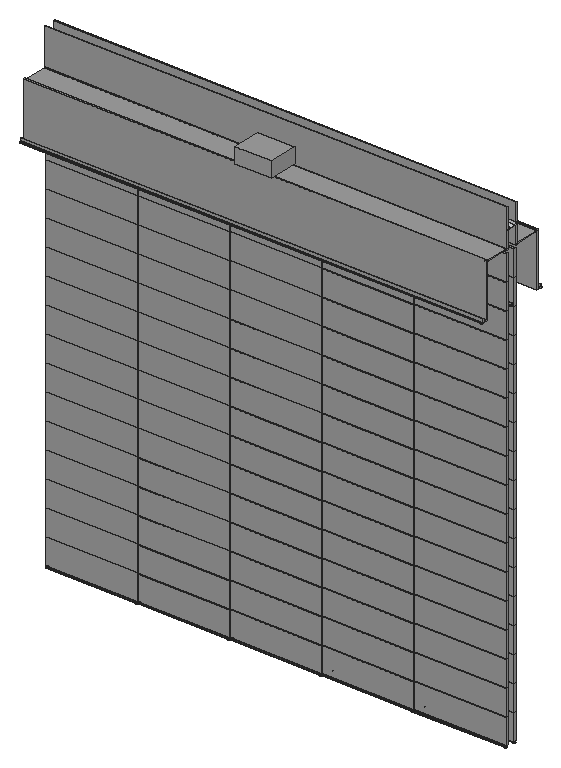
Revit family
Parameters (values of type "34' - 2"")
  Visibility Of Unfold Single Panel [instance] = and(not(Fold), Number Of  Panels < 2)  # no
  Visibility Of Fold Single Panel [instance] = and(Fold, Number Of  Panels < 2)  # no
  Visibility Of Fold Panels [instance] = and(Fold, Number Of  Panels > 1)  # no
  URL = "http://www.skyfold.com/"
  Total Panel Height = ([Panel Height"F"] * 17) + 0' 8"  # 38' - 2 1/2"
  Pocket Material [instance] = Default
  Panel Array [instance] = if(Number Of  Panels < 3, 2, Number Of  Panels)  # 5
  Panel 9 Material [instance] = Default
  Panel 8 Material [instance] = Default
  Panel 7 Material [instance] = Default
  Panel 6 Material [instance] = Default
  Panel 5 Material [instance] = Default
  Panel 4 Material [instance] = Default
  Panel 3 Material [instance] = Default
  Panel 2 Material [instance] = Default
  Panel 17 Material [instance] = Default
  Panel 16 Material [instance] = Default
  Panel 15 Material [instance] = Default
  Panel 14 Material [instance] = Default
  Panel 13 Material [instance] = Default
  Panel 12 Material [instance] = Default
  Panel 11 Material [instance] = Default
  Panel 10 Material [instance] = Default
  Model = "Compact Drive System"
  Manufacturer = "Skyfold\r\nSkyfold"
  Description = "Custom Powerlift Partitions"
  Center Pantograph Visibility [instance] = Number Of  Panels > 2  # yes
  Visibility Of Single Pantograph [instance] = and(Number Of  Panels = 2, Total Wall Length > 16' 0")  # no
  Total Wall Length [instance] = 40' - 0"
  Wall Thickness = 0' - 11 3/4"  # constant formula
  Unfold [instance] = and(not(Fold), Number Of  Panels > 1)  # yes
  Pocket Width"E" = 5' - 4 3/4"
  Pocket Depth"D" = 4' - 6"
  Panel Length [instance] = (Total Wall Length - 0' 2" - (Number Of  Panels - 1) * 0' 0 1/2") / Number Of  Panels  # 7' - 11.2"
  Panel Height"F" = 2' - 2 1/2"
  Offset From Ceiling [instance] = 0' - 0"
  Center Pantographs [instance] = if(Number Of  Panels < 3, 2, Number Of  Panels - 1)  # 4
  Number Of  Panels [instance] = (Total Wall Length / Max Panel Length) + 0.499  # 5
  Motor Positioning [instance] = if(or(Number Of  Panels = 1, Total Wall Length < 16' 1", Number Of  Panels = 3, Number Of  Panels = 5, Number Of  Panels = 7, Number Of  Panels = 9, Number Of  Panels = 11), (Total Wall Length / 2), (Total Wall Length / 2) - (Panel Length / 2))  # 20' - 0"
  Max Wall Length [instance] = 100' - 0"  # constant formula
  Max Panel Length [instance] = 8' - 0"  # constant formula
  Height Between Panels [instance] = [Panel Height"F"] + 0' 0 1/2"  # 2' - 3"
  Fold [instance] = no
  Distance From Acoustic Barrier = 0' - 2"  # constant formula
  Distance Between Panels [instance] = Panel Length + 0' 0 1/2"  # 7' - 11.7"
  Finished Ceiling"A" = 34' - 2"
  Panel 1 Material [instance] = Default
  Top Of Acoustic Barrier [instance] = 42' - 0"
  Assembly Code = ""
  Beam Height"B" = 40' - 2 3/4"
  Acoustic Barrier"C" = 38' - 7"
Reference planes (in)
  plane 1 "Center (Front/Back)": y = 0
  plane 2 "Ceiling": z = 96
  plane 3 "Center (Left/Right)": x = 0
  plane 4: y = -32.375
  plane 5: y = 32.375
  plane 6: y = -5.875
  plane 7: y = 5.875
  plane 8: x = 480
  plane 9: x = 1
  plane 10: x = 96.7
  plane 11: z = 95.96875
  plane 12: z = 149.96875
  plane 13: z = -314.03125
  plane 14 "Beam height": z = 168.71875
  plane 15 "ouverture": y = -35.68131
  plane 16: x = 240
  plane 17 "BOAB": z = 146.57813
  plane 18: z = 95.96875
Lines and regions (in)
  Opening 1
    outline origin (0, 3.93322, 96) x (1, 0, 0) y (0, 1, 0)
      loop
        line (0, 33.69178) -> (0, -41.55822) -> (480, -41.55822) -> (480, 33.69178) -> (0, 33.69178)
Dimensions and locks (in)
  equal spacing: host sketch curve, plane 3 "Center (Left/Right)", host sketch curve
  equal spacing: host sketch curve, plane 1 "Center (Front/Back)", host sketch curve
  host sketch curve to host sketch curve = 10' - 0"  (x2)
  plane 2 "Ceiling" to level = 7' - 0"
  equal spacing: plane 4, plane 1 "Center (Front/Back)", plane 5
  "Pocket Width"E"": plane 4 to plane 5
  equal spacing: plane 6, plane 1 "Center (Front/Back)", plane 7
  "Wall Thickness": plane 6 to plane 7
  "Total Wall Length": plane 8 to plane 3 "Center (Left/Right)"
  locked: plane 9 to plane 3 "Center (Left/Right)" at 1
  "Distance Between Panels": plane 10 to plane 9
  locked: plane 2 "Ceiling" to plane 11 at 0.03125
  equal spacing: group 1, group 2, group 7, group 9, group 12  (x3)
  equal spacing: group 3, group 4, group 8, group 10, group 13  (x3)
  "Finished Ceiling"A"": plane 11 to plane 13
  "Beam Height"B"": plane 14 "Beam height" to plane 13
  locked: nested 8 to plane 3 "Center (Left/Right)" at 32
  locked: plane 8 to nested 9 at 32
  locked: nested 5 to nested 10 at 0.25
  equal spacing: group 5, group 6, group 11, group 14  (x3)
  "Distance Between Panels": nested 11 to nested 10
  locked: plane 10 to nested 12 at 0.25
  "Motor Positioning": plane 16 to plane 3 "Center (Left/Right)"
  locked: plane 12 to plane 17 "BOAB" at 3.39063
  "Offset From Ceiling": plane 11 to plane 18
  "Pocket Depth"D"": plane 12 to plane 18
  aligned and locked: nested 1 to Opening 1 sketch curve  (x2)
  aligned and locked: Opening 1 sketch curve to plane 8
  aligned and locked: plane 2 "Ceiling" to host ceiling
  aligned and locked: nested 2 to plane 1 "Center (Front/Back)"
  aligned and locked: nested 2 to plane 9
  aligned and locked: Opening 1 sketch curve to nested 1
  aligned and locked: nested 1 to plane 3 "Center (Left/Right)"
  aligned and locked: nested 4 to plane 10
  aligned and locked: plane 10 to nested 5
  aligned and locked: plane 8 to nested 6
  aligned and locked: plane 3 "Center (Left/Right)" to nested 6
  aligned and locked: nested 13 to plane 1 "Center (Front/Back)"
  aligned and locked: plane 14 "Beam height" to nested 6
  aligned and locked: nested 6 to nested 1
  aligned and locked: plane 14 "Beam height" to nested 8
  aligned and locked: plane 14 "Beam height" to nested 12
  aligned and locked: plane 14 "Beam height" to nested 10
  aligned and locked: plane 14 "Beam height" to nested 11
  aligned and locked: nested 9 to plane 14 "Beam height"
  aligned and locked: nested 15 to nested 14
  aligned and locked: plane 9 to nested 15
  aligned and locked: nested 16 to nested 14
  aligned and locked: nested 16 to plane 9
  aligned and locked: nested 4 to nested 16
  aligned and locked: plane 16 to nested 7
  aligned and locked: plane 14 "Beam height" to nested 7
  aligned and locked: plane 17 "BOAB" to nested 2
  aligned and locked: plane 17 "BOAB" to nested 16
  aligned and locked: plane 17 "BOAB" to nested 4
  aligned and locked: nested 13 to plane 18
  aligned and locked: nested 15 to plane 18
  aligned and locked: nested 3 to plane 18
  aligned and locked: nested 5 to plane 18
  aligned and locked: plane 18 to nested 1
  aligned and locked: nested 14 to nested 6
  aligned and locked: nested 14 to plane 17 "BOAB"
  aligned and locked: nested 25 to plane 11
  aligned and locked: plane 5 to nested 25
  aligned and locked: nested 26 to nested 1
  aligned and locked: plane 7 to nested 26
  aligned and locked: plane 15 "ouverture" to nested 27
  aligned and locked: nested 27 to plane 14 "Beam height"
Nested families (in)
  nested 1: "Pocket" at (0, -10.75, 97.27344), Acoustic_Barrier"C" <- "Acoustic Barrier"C"", Total_Wall_Length <- "Total Wall Length", T.O. Acoustic_Barrier <- "Top Of Acoustic Barrier", Beam_Height <- "Beam Height"B"", Pocket Material <- "Pocket Material", type "Pocket"
    with Total_Wall_Length 40' - 0", T.O. Acoustic_Barrier 42' - 0", Pocket Material Default, Motor_Length 2' - 10", Motor_Height 0' - 11 1/2", Beam_Height 40' - 2 3/4", Acoustic_Barrier"C" 38' - 7", Pocket_Width"E" 5' - 4 3/4", Pocket_Depth"D" 4' - 6", Finished_Ceiling"A" 34' - 2"
  nested 2: "Groupe_5 panneaux" at (1, 0, -86.39108), panel_length <- "Panel Length", visible <- "Unfold", Total_Panel-Height <- "Total Panel Height", Panel 1 material <- "Panel 1 Material", Panel 2 material <- "Panel 2 Material", Panel 3 material <- "Panel 3 Material", Panel 4 material <- "Panel 4 Material", Panel 5 material <- "Panel 5 Material", Panel 6 material <- "Panel 6 Material", Panel 7 material <- "Panel 7 Material", Panel 8 material <- "Panel 8 Material", Panel 9 material <- "Panel 9 Material", Panel 10 material <- "Panel 10 Material", Panel 11 material <- "Panel 11 Material", Panel 12 material <- "Panel 12 Material", Panel 13 material <- "Panel 13 Material", Panel 14 material <- "Panel 14 Material", Panel 15 material <- "Panel 15 Material", Panel 16 material <- "Panel 16 Material", Panel 17 material <- "Panel 17 Material", type "Groupe_5 panneaux"
    with panel_length 7' - 11.2", Total_Panel-Height 38' - 2 1/2", Panel 9 material Default, Panel 8 material Default, Panel 7 material Default, Panel 6 material Default, Panel 5 material Default, Panel 4 material Default, Panel 3 material Default, Panel 2 material Default, Panel 17 material Default, Panel 16 material Default, Panel 15 material Default, Panel 14 material Default, Panel 13 material Default, Panel 12 material Default, Panel 11 material Default, Panel 10 material Default, Panel 1 material Default
  nested 3: "Panneau_hor" at (1, 12.57079, 83.96875), panel_length <- "Panel Length", panel_height <- "Panel Height"F"", visible <- "Visibility Of Fold Panels", Panel_Material <- "Panel 17 Material", type "Panneau_hor"
    with panel_length 7' - 11.2", panel_height 2' - 2 1/2", Panel_Material Default
  nested 4: "Groupe_5 panneaux" at (96.7, 0, -86.39108), panel_length <- "Panel Length", visible <- "Unfold", Total_Panel-Height <- "Total Panel Height", Panel 1 material <- "Panel 1 Material", Panel 2 material <- "Panel 2 Material", Panel 3 material <- "Panel 3 Material", Panel 4 material <- "Panel 4 Material", Panel 5 material <- "Panel 5 Material", Panel 6 material <- "Panel 6 Material", Panel 7 material <- "Panel 7 Material", Panel 8 material <- "Panel 8 Material", Panel 9 material <- "Panel 9 Material", Panel 10 material <- "Panel 10 Material", Panel 11 material <- "Panel 11 Material", Panel 12 material <- "Panel 12 Material", Panel 13 material <- "Panel 13 Material", Panel 14 material <- "Panel 14 Material", Panel 15 material <- "Panel 15 Material", Panel 16 material <- "Panel 16 Material", Panel 17 material <- "Panel 17 Material", type "Groupe_5 panneaux"
    with panel_length 7' - 11.2", Total_Panel-Height 38' - 2 1/2", Panel 9 material Default, Panel 8 material Default, Panel 7 material Default, Panel 6 material Default, Panel 5 material Default, Panel 4 material Default, Panel 3 material Default, Panel 2 material Default, Panel 17 material Default, Panel 16 material Default, Panel 15 material Default, Panel 14 material Default, Panel 13 material Default, Panel 12 material Default, Panel 11 material Default, Panel 10 material Default, Panel 1 material Default
  nested 5: "Panneau_hor" at (96.7, 12.57079, 83.96875), panel_length <- "Panel Length", panel_height <- "Panel Height"F"", visible <- "Visibility Of Fold Panels", Panel_Material <- "Panel 17 Material", type "Panneau_hor"
    with panel_length 7' - 11.2", panel_height 2' - 2 1/2", Panel_Material Default
  nested 6: "Beam" at (0, -10.75, 150.02344), type "Pocket"
    with Total_Wall_Length 40' - 0"
  nested 7: "Motor" at (221, -23, 152.71875), type "LCCD"
  nested 8: "Pantograph" at (54.25, -4, 156.4375) x (0, 1, 0) z (0, 0, 1), type "Pantograph"
  nested 9: "Pantograph" at (470.25, -4, 156.4375) x (0, 1, 0) z (0, 0, 1), type "Pantograph"
  nested 10: "Pantograph" at (118.7, -4, 156.4375) x (0, 1, 0) z (0, 0, 1), visible <- "Center Pantograph Visibility", type "Pantograph"
  nested 11: "Pantograph" at (214.4, -4, 156.4375) x (0, 1, 0) z (0, 0, 1), visible <- "Center Pantograph Visibility", type "Pantograph"
  nested 12: "Pantograph" at (118.7, -4, 156.4375) x (0, 1, 0) z (0, 0, 1), visible <- "Visibility Of Single Pantograph", type "Pantograph"
  nested 13: "2D Fold Panels" at (1, 2.48811, 95.96875) x (0, 1, 0) z (1, 0, 0), visible <- "Fold", Panel_Height <- "Panel Height"F"", type "Fold Panels"
    with Panel_Height 2' - 2 1/2"
  nested 14: "2D Unfold Panels" at (1, 0.77266, 54.57813) x (0, 1, 0) z (1, 0, 0), visible <- "Unfold", type "Unfold Panels"
    with Distance_Between_Panels 2' - 3"
  nested 15: "Panneau_hor" at (1, 12.57079, 83.96875), panel_length <- "Panel Length", panel_height <- "Panel Height"F"", Panel_Material <- "Panel 1 Material", visible <- "Visibility Of Fold Single Panel", type "Panneau_hor"
    with panel_length 7' - 11.2", panel_height 2' - 2 1/2", Panel_Material Default
  nested 16: "Groupe_5 panneaux" at (1, 0, -86.39108), panel_length <- "Panel Length", visible <- "Visibility Of Unfold Single Panel", Total_Panel-Height <- "Total Panel Height", type "Groupe_5 panneaux"
    with panel_length 7' - 11.2", Total_Panel-Height 38' - 2 1/2", Panel 9 material none, Panel 8 material none, Panel 7 material none, Panel 6 material none, Panel 5 material none, Panel 4 material none, Panel 3 material none, Panel 2 material none, Panel 17 material none, Panel 16 material none, Panel 15 material none, Panel 14 material none, Panel 13 material none, Panel 12 material none, Panel 11 material none, Panel 10 material none, Panel 1 material none
  nested 17: "Groupe_5 panneaux" at (192.4, 0, -86.39108), panel_length <- "Panel Length", visible <- "Unfold", Total_Panel-Height <- "Total Panel Height", Panel 1 material <- "Panel 1 Material", Panel 2 material <- "Panel 2 Material", Panel 3 material <- "Panel 3 Material", Panel 4 material <- "Panel 4 Material", Panel 5 material <- "Panel 5 Material", Panel 6 material <- "Panel 6 Material", Panel 7 material <- "Panel 7 Material", Panel 8 material <- "Panel 8 Material", Panel 9 material <- "Panel 9 Material", Panel 10 material <- "Panel 10 Material", Panel 11 material <- "Panel 11 Material", Panel 12 material <- "Panel 12 Material", Panel 13 material <- "Panel 13 Material", Panel 14 material <- "Panel 14 Material", Panel 15 material <- "Panel 15 Material", Panel 16 material <- "Panel 16 Material", Panel 17 material <- "Panel 17 Material", type "Groupe_5 panneaux"
    with panel_length 7' - 11.2", Total_Panel-Height 38' - 2 1/2", Panel 9 material Default, Panel 8 material Default, Panel 7 material Default, Panel 6 material Default, Panel 5 material Default, Panel 4 material Default, Panel 3 material Default, Panel 2 material Default, Panel 17 material Default, Panel 16 material Default, Panel 15 material Default, Panel 14 material Default, Panel 13 material Default, Panel 12 material Default, Panel 11 material Default, Panel 10 material Default, Panel 1 material Default
  nested 18: "Panneau_hor" at (192.4, 12.57079, 83.96875), panel_length <- "Panel Length", panel_height <- "Panel Height"F"", visible <- "Visibility Of Fold Panels", Panel_Material <- "Panel 17 Material", type "Panneau_hor"
    with panel_length 7' - 11.2", panel_height 2' - 2 1/2", Panel_Material Default
  nested 19: "Groupe_5 panneaux" at (288.1, 0, -86.39108), panel_length <- "Panel Length", visible <- "Unfold", Total_Panel-Height <- "Total Panel Height", Panel 1 material <- "Panel 1 Material", Panel 2 material <- "Panel 2 Material", Panel 3 material <- "Panel 3 Material", Panel 4 material <- "Panel 4 Material", Panel 5 material <- "Panel 5 Material", Panel 6 material <- "Panel 6 Material", Panel 7 material <- "Panel 7 Material", Panel 8 material <- "Panel 8 Material", Panel 9 material <- "Panel 9 Material", Panel 10 material <- "Panel 10 Material", Panel 11 material <- "Panel 11 Material", Panel 12 material <- "Panel 12 Material", Panel 13 material <- "Panel 13 Material", Panel 14 material <- "Panel 14 Material", Panel 15 material <- "Panel 15 Material", Panel 16 material <- "Panel 16 Material", Panel 17 material <- "Panel 17 Material", type "Groupe_5 panneaux"
    with panel_length 7' - 11.2", Total_Panel-Height 38' - 2 1/2", Panel 9 material Default, Panel 8 material Default, Panel 7 material Default, Panel 6 material Default, Panel 5 material Default, Panel 4 material Default, Panel 3 material Default, Panel 2 material Default, Panel 17 material Default, Panel 16 material Default, Panel 15 material Default, Panel 14 material Default, Panel 13 material Default, Panel 12 material Default, Panel 11 material Default, Panel 10 material Default, Panel 1 material Default
  nested 20: "Panneau_hor" at (288.1, 12.57079, 83.96875), panel_length <- "Panel Length", panel_height <- "Panel Height"F"", visible <- "Visibility Of Fold Panels", Panel_Material <- "Panel 17 Material", type "Panneau_hor"
    with panel_length 7' - 11.2", panel_height 2' - 2 1/2", Panel_Material Default
  nested 21: "Pantograph" at (310.1, -4, 156.4375) x (0, 1, 0) z (0, 0, 1), visible <- "Center Pantograph Visibility", type "Pantograph"
  nested 22: "Groupe_5 panneaux" at (383.8, 0, -86.39108), panel_length <- "Panel Length", visible <- "Unfold", Total_Panel-Height <- "Total Panel Height", Panel 1 material <- "Panel 1 Material", Panel 2 material <- "Panel 2 Material", Panel 3 material <- "Panel 3 Material", Panel 4 material <- "Panel 4 Material", Panel 5 material <- "Panel 5 Material", Panel 6 material <- "Panel 6 Material", Panel 7 material <- "Panel 7 Material", Panel 8 material <- "Panel 8 Material", Panel 9 material <- "Panel 9 Material", Panel 10 material <- "Panel 10 Material", Panel 11 material <- "Panel 11 Material", Panel 12 material <- "Panel 12 Material", Panel 13 material <- "Panel 13 Material", Panel 14 material <- "Panel 14 Material", Panel 15 material <- "Panel 15 Material", Panel 16 material <- "Panel 16 Material", Panel 17 material <- "Panel 17 Material", type "Groupe_5 panneaux"
    with panel_length 7' - 11.2", Total_Panel-Height 38' - 2 1/2", Panel 9 material Default, Panel 8 material Default, Panel 7 material Default, Panel 6 material Default, Panel 5 material Default, Panel 4 material Default, Panel 3 material Default, Panel 2 material Default, Panel 17 material Default, Panel 16 material Default, Panel 15 material Default, Panel 14 material Default, Panel 13 material Default, Panel 12 material Default, Panel 11 material Default, Panel 10 material Default, Panel 1 material Default
  nested 23: "Panneau_hor" at (383.8, 12.57079, 83.96875), panel_length <- "Panel Length", panel_height <- "Panel Height"F"", visible <- "Visibility Of Fold Panels", Panel_Material <- "Panel 17 Material", type "Panneau_hor"
    with panel_length 7' - 11.2", panel_height 2' - 2 1/2", Panel_Material Default
  nested 24: "Pantograph" at (405.8, -4, 156.4375) x (0, 1, 0) z (0, 0, 1), visible <- "Center Pantograph Visibility", type "Pantograph"
  nested 25: "Suspended Ceiling Component" at (1, 32.375, 95.96875) x (0, 1, 0) z (1, 0, 0), type "Suspended Ceiling Component"
  nested 26: "construction as per ASTM E557 Component" at (1, 5.875, 174.46875) x (0, 1, 0) z (1, 0, 0), type "construction as per ASTM E557 Component"
  nested 27: "Disclaimer Component" at (1, -35.68131, 168.71875) x (0, 1, 0) z (1, 0, 0), type "Disclaimer Component"
Definition of nested family "Pocket"
  Parameters (values of type "Pocket")
    Total_Wall_Length [instance] = 35' - 0"
    T.O. Acoustic_Barrier [instance] = 40' - 0"
    Pocket_Width"E" = 5' - 4 1/2"
    Pocket_Depth"D" = 4' - 5 1/2"
    Pocket Material [instance] = Pocket mat
    Motor_Length [instance] = 2' - 6 29/128"
    Motor_Height [instance] = 1' - 3"
    Finished_Ceiling"A" = 34' - 0"
    Assembly Code = ""
    Beam_Height [instance] = 10' - 0"
    Acoustic_Barrier"C" [instance] = 1' - 7 5/8"
  Reference planes (in)
    plane 1 "Center (Front/Back)": y = 10.75
    plane 2: z = 52.19531
    plane 3 "Center (Left/Right)": x = 0
    plane 4: z = -1.30469
    plane 5: y = -21.5
    plane 6: y = 43
    plane 7: y = -26.75
    plane 8: y = 48.25
    plane 9: z = 2.32031
    plane 10: y = 4.75
    plane 11: y = 16.75
    plane 12: x = 420
    plane 13: z = -259.30469
    plane 14: z = 71.18777
    plane 15: z = 70.69531
    plane 16: z = -409.30469
    plane 17: x = 12.89513
    plane 18: x = 203.52734
    plane 19: z = -289.30469
    plane 20: z = 53.19531
  Forms (in)
    Extrusion 1, solid, material "Pocket mat" <- "Pocket Material"
      sketch origin (0, 0, 0) x (0, 1, 0) y (0, 0, 1)
        loop
          line (-26.75, 2.32031) -> (-26.75, -1.30469) -> (-21.5, -1.30469) -> (-21.5, 55.19531) -> (-22.125, 55.19531) -> (-22.125, -0.67969) -> (-26.125, -0.67969) -> (-26.125, 2.32031) -> (-26.75, 2.32031)
        loop
          line (-21.28125, 53.19531) -> (4.53125, 53.19531) -> (4.53125, 53.82031) -> (-21.28125, 53.82031) -> (-21.28125, 53.19531)
      from 0 to 420
    Extrusion 2, solid, material "Pocket mat" <- "Pocket Material"
      sketch origin (0, 0, 0) x (0, 1, 0) y (0, 0, 1)
        loop
          line (9.75, -1.30469) -> (11.75, -1.30469) -> (11.75, -1.05469) -> (10.875, -1.05469) -> (10.875, 0.69531) -> (10.625, 0.69531) -> (10.625, -1.05469) -> (9.75, -1.05469) -> (9.75, -1.30469)
      from 0 to 420
    Extrusion 3, solid, material "Pocket mat" <- "Pocket Material"
      sketch origin (0, 0, 0) x (0, 1, 0) y (0, 0, 1)
        loop
          line (4.75, 52.19531) -> (5.75, 52.19531) -> (5.75, 70.69531) -> (4.75, 70.69531) -> (4.75, 52.19531)
      from 0 to 420
    Extrusion 4, solid, material "Pocket mat" <- "Pocket Material"
      sketch origin (0, 21.5, 0) x (0, -1, 0) y (0, 0, -1)
        loop
          line (4.75, -52.19531) -> (4.75, -70.69531) -> (5.75, -70.69531) -> (5.75, -52.19531) -> (4.75, -52.19531)
      from 0 to 420
    Extrusion 5, solid, material "Pocket mat" <- "Pocket Material"
      sketch origin (420, 0, 0.01562) x (0, 1, 0) y (0, 0, 1)
        loop
          line (-21.5, 53.88281) -> (-21.5, 53.08594) -> (-20.75, 53.08594) -> (-20.75, 53.17969) -> (-21.40625, 53.17969) -> (-21.40625, 53.88281) -> (-21.5, 53.88281)
      from -420 to 0
    Extrusion 6, solid, material "Pocket mat" <- "Pocket Material"
      sketch origin (420, -21.98359, 0.03125) x (0, -1, 0) y (0, 0, -1)
        loop
          line (-26.73359, -53.86719) -> (-26.63984, -53.86719) -> (-26.63984, -53.16406) -> (-25.98359, -53.16406) -> (-25.98359, -53.07031) -> (-26.73359, -53.07031) -> (-26.73359, -53.86719)
      from -420 to 0
    Extrusion 7, solid, material "Pocket mat" <- "Pocket Material"
      sketch origin (420, -57.55768, -19.35805) x (0, -1, 0) y (0, 0, -1)
        loop
          line (-30.80768, -18.75649) -> (-30.71393, -18.75649) -> (-30.71393, -18.05336) -> (-30.05768, -18.05336) -> (-30.05768, -17.95961) -> (-30.80768, -17.95961) -> (-30.80768, -18.75649)
      from -420 to 0
    Extrusion 8, solid, material "Pocket mat" <- "Pocket Material"
      sketch origin (0, 21.5, 0.125) x (0, -1, 0) y (0, 0, -1)
        loop
          line (-26.75, -2.32031) -> (-26.125, -2.32031) -> (-26.125, 0.67969) -> (-22.125, 0.67969) -> (-22.125, -55.07031) -> (-21.5, -55.07031) -> (-21.5, 1.30469) -> (-26.75, 1.30469) -> (-26.75, -2.32031)
        loop
          line (-21.28125, -53.07031) -> (-21.28125, -53.69531) -> (4.53125, -53.69531) -> (4.53125, -53.07031) -> (-21.28125, -53.07031)
      from 0 to 420
    Extrusion 9, solid, material "Pocket mat" <- "Pocket Material"
      sketch origin (420, 21.5, 0) x (0, -1, 0) y (0, 0, -1)
        loop
          line (-21.5, -53.89844) -> (-21.40625, -53.89844) -> (-21.40625, -53.19531) -> (-20.75, -53.19531) -> (-20.75, -53.10156) -> (-21.5, -53.10156) -> (-21.5, -53.89844)
      from -420 to 0
    Extrusion 10, solid, material "Pocket mat" <- "Pocket Material"
      sketch origin (420, 43.48359, 0) x (0, 1, 0) y (0, 0, 1)
        loop
          line (-26.73359, 53.89844) -> (-26.73359, 53.10156) -> (-25.98359, 53.10156) -> (-25.98359, 53.19531) -> (-26.63984, 53.19531) -> (-26.63984, 53.89844) -> (-26.73359, 53.89844)
      from -420 to 0
    Extrusion 11, solid, material "Pocket mat" <- "Pocket Material"
      sketch origin (420, 79.05768, -19.35805) x (0, 1, 0) y (0, 0, 1)
        loop
          line (-30.80768, 18.75649) -> (-30.80768, 17.95961) -> (-30.05768, 17.95961) -> (-30.05768, 18.05336) -> (-30.71393, 18.05336) -> (-30.71393, 18.75649) -> (-30.80768, 18.75649)
      from -420 to 0
  Lines and regions (in)
    symbolic lines
      curve 1: line (420, -26.125, -0.67969) -> (420, -22.125, -0.67969)
      curve 2: line (420, -26.125, 70.69531) -> (420, -26.125, -0.67969)
      curve 3: line (420, -22.125, 70.69531) -> (420, -26.125, 70.69531)
      curve 4: line (420, -22.125, -0.67969) -> (420, -22.125, 70.69531)
      curve 5: line (420, 47.625, -0.55469) -> (420, 43.625, -0.55469)
      curve 6: line (420, 47.625, 70.69531) -> (420, 47.625, -0.55469)
      curve 7: line (420, 43.625, 70.69531) -> (420, 47.625, 70.69531)
      curve 8: line (420, 43.625, -0.55469) -> (420, 43.625, 70.69531)
      curve 9: line (420, 4.75, 84.44531) -> (420, 1.75, 84.44531)
      curve 10: line (420, 4.75, 56.82031) -> (420, 4.75, 84.44531)
      curve 11: line (420, 1.75, 56.82031) -> (420, 4.75, 56.82031)
      curve 12: line (420, 1.75, 84.44531) -> (420, 1.75, 56.82031)
      curve 13: line (420, -22.125, 76.69531) -> (420, 1.75, 76.69531)
      curve 14: line (420, 1.75, 73.69531) -> (420, -22.125, 73.69531)
      curve 15: line (420, 16.75, 84.44531) -> (420, 19.75, 84.44531)
      curve 16: line (420, 16.75, 56.82031) -> (420, 16.75, 84.44531)
      curve 17: line (420, 19.75, 56.82031) -> (420, 16.75, 56.82031)
      curve 18: line (420, 19.75, 84.44531) -> (420, 19.75, 56.82031)
      curve 19: line (420, 43.625, 76.69531) -> (420, 19.75, 76.69531)
      curve 20: line (420, 19.75, 73.69531) -> (420, 43.625, 73.69531)
      curve 21: line (0, 5.25, 52.19531) -> (0, 5.25, 70.69531)
      curve 22: line (0, 16.25, 52.19531) -> (0, 16.25, 70.69531)
  Dimensions and locks (in)
    locked: plane 7 to plane 5 at 5.25
    locked: plane 9 to plane 4 at 3.625
    locked: plane 6 to plane 8 at 5.25
    plane 10 to plane 1 "Center (Front/Back)" = 0' - 6"
    plane 10 to plane 11 = 1' - 0"
    "Pocket_Width"E"": plane 5 to plane 6
    equal spacing: plane 5, plane 1 "Center (Front/Back)", plane 6
    "Finished_Ceiling"A"": plane 4 to level
    locked: plane 7 to Extrusion 1 sketch curve at 0.625
    locked: Extrusion 1 sketch curve to plane 4 at 0.625
    locked: Extrusion 1 sketch curve to Extrusion 1 sketch curve at 0.625  (x2)
    "Total_Wall_Length": plane 12 to plane 3 "Center (Left/Right)"
    equal spacing: Extrusion 2 sketch curve, plane 1 "Center (Front/Back)", Extrusion 2 sketch curve  (x2)
    locked: Extrusion 2 sketch curve to plane 4 at 2
    locked: Extrusion 2 sketch curve to plane 4 at 0.25
    locked: Extrusion 2 sketch curve to plane 1 "Center (Front/Back)" at 0.125
    locked: Extrusion 1 sketch curve to Extrusion 1 sketch curve at 0.21875
    locked: plane 10 to Extrusion 3 sketch curve at 1
    "Pocket_Depth"D"": plane 2 to plane 4
    locked: plane 13 to plane 16 at 150
    "T.O. Acoustic_Barrier": plane 15 to plane 16
    locked: plane 18 to plane 3 "Center (Left/Right)" at 203.52734
    "Beam_Height": plane 19 to plane 16
    plane 4 to plane 16 = 34' - 0"
    Extrusion 1 to Extrusion 1 to plane 5 = 0' - 0 5/8", 0' - 0"
    locked: Extrusion 1 sketch curve to Extrusion 1 sketch curve at 1.375
    locked: Extrusion 1 sketch curve to plane 10 at 0.21875
    locked: Extrusion 5 sketch curve to Extrusion 5 sketch curve at 0.09375  (x2)
    locked: Extrusion 5 sketch curve to Extrusion 5 sketch curve at 0.79688
    locked: Extrusion 5 sketch curve to Extrusion 5 sketch curve at 0.75
    locked: Extrusion 6 sketch curve to Extrusion 6 sketch curve at 0.09375  (x2)
    locked: Extrusion 6 sketch curve to Extrusion 6 sketch curve at 0.79688
    locked: Extrusion 6 sketch curve to Extrusion 6 sketch curve at 0.75
    locked: Extrusion 7 sketch curve to Extrusion 7 sketch curve at 0.09375  (x2)
    locked: Extrusion 7 sketch curve to Extrusion 7 sketch curve at 0.79688
    locked: Extrusion 7 sketch curve to Extrusion 7 sketch curve at 0.75
    locked: Extrusion 8 sketch curve to Extrusion 8 sketch curve at 0.625
    Extrusion 8 sketch curve to Extrusion 8 sketch curve = 0' - 0 5/8"
    locked: Extrusion 8 sketch curve to Extrusion 8 sketch curve at 0.21875
    Extrusion 8 sketch curve to Extrusion 8 sketch curve = 0' - 1 3/8"
    locked: Extrusion 9 sketch curve to Extrusion 9 sketch curve at 0.09375  (x2)
    locked: Extrusion 9 sketch curve to Extrusion 9 sketch curve at 0.79688
    locked: Extrusion 9 sketch curve to Extrusion 9 sketch curve at 0.75
    locked: Extrusion 10 sketch curve to Extrusion 10 sketch curve at 0.09375  (x2)
    locked: Extrusion 10 sketch curve to Extrusion 10 sketch curve at 0.79688
    locked: Extrusion 10 sketch curve to Extrusion 10 sketch curve at 0.75
    locked: Extrusion 11 sketch curve to Extrusion 11 sketch curve at 0.09375  (x2)
    locked: Extrusion 11 sketch curve to Extrusion 11 sketch curve at 0.79688
    locked: Extrusion 11 sketch curve to Extrusion 11 sketch curve at 0.75
    locked: curve 12 to plane 10 at 3
    curve 11 to Extrusion 1 = 0' - 3"
    locked: curve 11 to curve 9 at 27.625
    locked: curve 14 to curve 13 at 3
    locked: curve 11 to curve 14 at 16.875
    locked: curve 17 to curve 15 at 27.625
    locked: curve 20 to curve 19 at 3
    locked: curve 17 to curve 20 at 16.875
    locked: plane 20 to plane 2 at 1
    aligned and locked: plane 12 to Extrusion 1
    aligned and locked: Extrusion 2 sketch curve to Extrusion 2 sketch curve
    aligned and locked: Extrusion 2 to plane 3 "Center (Left/Right)"
    aligned and locked: plane 12 to Extrusion 2
    aligned and locked: Extrusion 3 sketch curve to plane 2
    aligned and locked: Extrusion 3 sketch curve to plane 10
    aligned and locked: plane 15 to Extrusion 4
    aligned and locked: plane 15 to Extrusion 3
    aligned and locked: plane 12 to Extrusion 3
    aligned and locked: plane 12 to Extrusion 4
    aligned and locked: plane 16 to level
    aligned and locked: curve 1 to Extrusion 1  (x2)
    aligned and locked: curve 4 to Extrusion 1
    aligned and locked: curve 7 to plane 15
    aligned and locked: Extrusion 5 to plane 5
    aligned: plane 2 to Extrusion 5
    aligned and locked: plane 10 to Extrusion 6
    aligned: plane 2 to Extrusion 6
    aligned and locked: plane 7 to Extrusion 7
    aligned and locked: plane 4 to Extrusion 7
    aligned and locked: plane 6 to Extrusion 9
    aligned and locked: plane 4 to Extrusion 11
    aligned and locked: Extrusion 11 to plane 8
    aligned and locked: plane 12 to Extrusion 5
    aligned and locked: plane 12 to Extrusion 6
    aligned and locked: Extrusion 10 to plane 3 "Center (Left/Right)"
    aligned and locked: Extrusion 6 to plane 3 "Center (Left/Right)"
    aligned and locked: Extrusion 5 to plane 3 "Center (Left/Right)"
    aligned and locked: plane 12 to Extrusion 10
    aligned and locked: plane 12 to Extrusion 9
    aligned and locked: Extrusion 9 to plane 3 "Center (Left/Right)"
    aligned and locked: plane 12 to Extrusion 7
    aligned and locked: plane 12 to Extrusion 11
    aligned and locked: Extrusion 7 to plane 3 "Center (Left/Right)"
    aligned and locked: Extrusion 11 to plane 3 "Center (Left/Right)"
    aligned and locked: Extrusion 8 to curve 8
    aligned and locked: curve 6 to Extrusion 8
    aligned and locked: curve 5 to Extrusion 8
    aligned and locked: plane 12 to Extrusion 8
    aligned and locked: Extrusion 1 to plane 3 "Center (Left/Right)"
    aligned and locked: Extrusion 8 to plane 3 "Center (Left/Right)"
    aligned and locked: curve 9 to Extrusion 3
    aligned and locked: curve 9 to curve 15
    aligned and locked: Extrusion 1 sketch curve to plane 20
    aligned and locked: Extrusion 5 to Extrusion 1
    aligned and locked: Extrusion 6 to Extrusion 1
    aligned and locked: Extrusion 8 to Extrusion 1  (x2)
    aligned and locked: Extrusion 1 to Extrusion 8
    aligned and locked: Extrusion 10 to Extrusion 8
    aligned and locked: Extrusion 9 to Extrusion 8
  Automatic sketch dimensions
    curve 21 to plane 15 = 0' - 0"
    curve 21 to plane 2 = 0' - 0"
    curve 22 to plane 15 = 0' - 0"
    curve 22 to plane 2 = 0' - 0"
    plane 10 to curve 21 = 0' - 0 1/2"
    curve 22 to plane 11 = 0' - 0 1/2"
    Extrusion 1 sketch curve to plane 4 = 0' - 0"
    Extrusion 1 sketch curve to plane 7 = 0' - 0"
    Extrusion 1 sketch curve to plane 5 = 0' - 0"
    Extrusion 1 sketch curve to plane 9 = 0' - 0"
    Extrusion 2 sketch curve to plane 4 = 0' - 0"
    Extrusion 2 sketch curve to Extrusion 2 sketch curve = 0' - 0 7/8"
    Extrusion 3 sketch curve to plane 15 = 0' - 0"
    Extrusion 4 sketch curve to plane 11 = 0' - 0"
    Extrusion 4 sketch curve to plane 15 = 0' - 0"
    Extrusion 4 sketch curve to plane 2 = 0' - 0"
    plane 11 to Extrusion 4 sketch curve = 0' - 1"
    curve 2 to Extrusion 3 = 0' - 0"
    Extrusion 3 to curve 16 = 0' - 11"
    curve 16 to curve 17 = 0' - 3"
    Extrusion 5 sketch curve to Extrusion 3 = 0' - 0 29/32"
    Extrusion 3 to Extrusion 5 sketch curve = 2' - 2 1/4"
    Extrusion 6 sketch curve to Extrusion 3 = 0' - 0"
    Extrusion 6 sketch curve to Extrusion 3 = 0' - 1 45/64"
    Extrusion 3 to Extrusion 7 sketch curve = 2' - 7 1/2"
    Extrusion 3 to Extrusion 7 sketch curve = 4' - 4 51/64"
    Extrusion 8 sketch curve to plane 8 = 0' - 0"
    Extrusion 8 sketch curve to plane 6 = 0' - 0"
    Extrusion 8 sketch curve to plane 9 = 0' - 0 1/8"
    plane 8 to Extrusion 8 sketch curve = 0' - 0 5/8"
    Extrusion 8 sketch curve to plane 11 = 0' - 0 7/32"
    Extrusion 8 sketch curve to plane 4 = 0' - 0 3/4"
    Extrusion 8 sketch curve to plane 4 = 0' - 0 1/8"
    Extrusion 8 sketch curve to plane 2 = 0' - 1"
    Extrusion 9 sketch curve to Extrusion 3 = 0' - 0 29/32"
    Extrusion 3 to Extrusion 9 sketch curve = 3' - 1 1/4"
    Extrusion 10 sketch curve to Extrusion 3 = 0' - 0 29/32"
    Extrusion 3 to Extrusion 10 sketch curve = 0' - 11"
    Extrusion 3 to Extrusion 11 sketch curve = 3' - 6 1/2"
    Extrusion 3 to Extrusion 11 sketch curve = 4' - 5 19/32"
Definition of nested family "Groupe_5 panneaux"
  Parameters (values of type "Groupe_5 panneaux")
    panel_length [instance] = 3' - 0"
    panel_height = 2' - 2 1/2"
    folded_width = 0' - 11 3/4"
    Total_Panel-Height [instance] = 9' - 2 3/4"
    Panel 9 material [instance] = none
    Panel 8 material [instance] = none
    Panel 7 material [instance] = none
    Panel 6 material [instance] = none
    Panel 5 material [instance] = none
    Panel 4 material [instance] = none
    Panel 3 material [instance] = none
    Panel 2 material [instance] = none
    Panel 17 material [instance] = none
    Panel 16 material [instance] = none
    Panel 15 material [instance] = none
    Panel 14 material [instance] = none
    Panel 13 material [instance] = none
    Panel 12 material [instance] = none
    Panel 11 material [instance] = none
    Panel 10 material [instance] = none
    Panel 1 material [instance] = none
    Height_distance_bet_panels = panel_height + 0' 0 1/2"  # 2' - 3"
    Assembly Code = ""
  Reference planes (in)
    plane 1 "Center (Front/Back)": y = 0
    plane 2: z = 0
    plane 3 "Center (Left/Right)": x = 0
    plane 4: y = 5.875
    plane 5: z = 232.96921
    plane 6: y = -5.875
    plane 7: x = 36
    plane 8: z = 122.21921
    plane 9: z = 205.96921
    plane 10: z = 178.96921
    plane 11: z = 151.96921
    plane 12: z = 124.96921
    plane 13: z = 97.96921
    plane 14: z = 70.96921
    plane 15: z = 43.96921
    plane 16: z = 16.96921
    plane 17: z = -10.03079
    plane 18: z = -37.03079
    plane 19: z = -64.03079
    plane 20: z = -91.03079
    plane 21: z = -118.03079
    plane 22: z = -145.03079
    plane 23: z = -172.03079
    plane 24: z = -199.03079
  Forms (in)
    Extrusion 1, solid, material "Plastic_Seal"
      sketch origin (0, 1.79895, 58.50004) x (0, 1, 0) y (0, 0, 1)
        loop
          line (-6.80477, 62.03907) -> (-7.05382, 63.46917) -> (-6.92395, 63.46917) -> (-6.92395, 63.71918) -> (-7.67395, 63.71918) -> (-7.67395, 63.46917) -> (-7.41508, 63.46917) -> (-7.66413, 62.03907)
          arc (-7.66413, 62.03907) -> (-7.23445, 61.60939) -> (-6.80477, 62.03907) r 0.42968
      from 0 to 36
    Extrusion 2, solid, material "Plastic_Seal"
      sketch origin (0, -1.79895, 58.50004) x (0, -1, 0) y (0, 0, -1)
        loop
          arc (-6.80477, -62.03907) -> (-7.23445, -61.60939) -> (-7.66413, -62.03907) r 0.42968
          line (-7.66413, -62.03907) -> (-7.41508, -63.46917) -> (-7.67395, -63.46917) -> (-7.67395, -63.71918) -> (-6.92395, -63.71918) -> (-6.92395, -63.46917) -> (-7.05382, -63.46917) -> (-6.80477, -62.03907)
      from 0 to 36
  Dimensions and locks (in)
    equal spacing: plane 6, plane 1 "Center (Front/Back)", plane 4
    "folded_width": plane 6 to plane 4
    "panel_length": plane 7 to plane 3 "Center (Left/Right)"
    "Total_Panel-Height": plane 5 to plane 8
    equal spacing: plane 5, plane 9, plane 10, plane 11, plane 12, plane 13, plane 14, plane 15, plane 16, plane 17, plane 18, plane 19, plane 20, plane 21, plane 22, plane 23, plane 24
    "Height_distance_bet_panels": plane 5 to plane 9
    aligned and locked: plane 4 to nested 1
    aligned and locked: plane 6 to nested 2
    aligned and locked: plane 3 "Center (Left/Right)" to nested 1
    aligned and locked: nested 2 to plane 5  (x2)
    aligned and locked: plane 7 to Extrusion 1
    aligned and locked: Extrusion 1 to plane 3 "Center (Left/Right)"
    aligned and locked: Extrusion 1 to plane 6
    aligned and locked: Extrusion 2 to plane 3 "Center (Left/Right)"
    aligned and locked: plane 7 to Extrusion 2
    aligned and locked: plane 5 to nested 1
    aligned and locked: nested 4 to plane 9
    aligned and locked: plane 9 to nested 3
    aligned and locked: nested 6 to plane 10
    aligned and locked: plane 10 to nested 5
    aligned and locked: nested 8 to plane 11
    aligned and locked: plane 11 to nested 7
    aligned and locked: nested 10 to plane 12
    aligned and locked: plane 12 to nested 9
    aligned and locked: nested 12 to plane 13
    aligned and locked: plane 13 to nested 11
    aligned and locked: nested 14 to plane 14
    aligned and locked: plane 14 to nested 13
    aligned and locked: nested 16 to plane 15
    aligned and locked: plane 15 to nested 15
    aligned and locked: nested 18 to plane 16
    aligned and locked: plane 16 to nested 17
    aligned and locked: nested 20 to plane 17
    aligned and locked: plane 17 to nested 19
    aligned and locked: nested 22 to plane 18
    aligned and locked: plane 18 to nested 21
    aligned and locked: nested 24 to plane 19
    aligned and locked: plane 19 to nested 23
    aligned and locked: nested 26 to plane 20
    aligned and locked: plane 20 to nested 25
    aligned and locked: nested 28 to plane 21
    aligned and locked: plane 21 to nested 27
    aligned and locked: nested 30 to plane 22
    aligned and locked: plane 22 to nested 29
    aligned and locked: nested 32 to plane 23
    aligned and locked: plane 23 to nested 31
    aligned and locked: nested 34 to plane 24
    aligned and locked: plane 24 to nested 33
    aligned and locked: plane 4 to nested 33
    aligned and locked: plane 6 to nested 34
    aligned and locked: plane 4 to nested 31
    aligned and locked: plane 6 to nested 32
    aligned and locked: plane 4 to nested 29
    aligned and locked: plane 6 to nested 30
    aligned and locked: plane 4 to nested 27
    aligned and locked: plane 6 to nested 28
    aligned and locked: plane 4 to nested 25
    aligned and locked: plane 6 to nested 26
    aligned and locked: plane 4 to nested 23
    aligned and locked: plane 6 to nested 24
    aligned and locked: plane 4 to nested 21
    aligned and locked: plane 6 to nested 22
    aligned and locked: plane 4 to nested 19
    aligned and locked: plane 6 to nested 20
    aligned and locked: plane 4 to nested 17
    aligned and locked: plane 6 to nested 18
    aligned and locked: plane 4 to nested 15
    aligned and locked: plane 6 to nested 16
    aligned and locked: plane 4 to nested 13
    aligned and locked: plane 6 to nested 14
    aligned and locked: plane 4 to nested 11
    aligned and locked: plane 6 to nested 12
    aligned and locked: plane 4 to nested 9
    aligned and locked: plane 6 to nested 10
    aligned and locked: plane 4 to nested 7
    aligned and locked: plane 6 to nested 8
    aligned and locked: plane 4 to nested 5
    aligned and locked: plane 6 to nested 6
    aligned and locked: plane 4 to nested 3
    aligned and locked: plane 6 to nested 4
  Automatic sketch dimensions
    Extrusion 1 sketch curve to plane 6 = 0' - 0"
    plane 6 to Extrusion 1 sketch curve = 0' - 0.00982"
    Extrusion 1 sketch curve to Extrusion 1 sketch curve = 0' - 0.25887"
    Extrusion 1 sketch curve to Extrusion 1 sketch curve = 0' - 0 55/128"
    Extrusion 1 sketch curve to plane 8 = 0' - 0 1/4"  (x2)
    Extrusion 1 sketch curve to Extrusion 1 sketch curve = 0' - 0.36126"
    plane 8 to Extrusion 1 sketch curve = 0' - 0"
    Extrusion 1 sketch curve to Extrusion 1 sketch curve = 0' - 0.12987"
    Extrusion 1 sketch curve to Extrusion 1 sketch curve = 0' - 1.4301"
    Extrusion 2 sketch curve to plane 4 = 0' - 0"
    plane 4 to Extrusion 2 sketch curve = 0' - 0.00982"
    Extrusion 2 sketch curve to Extrusion 2 sketch curve = 0' - 0.25887"
    Extrusion 2 sketch curve to Extrusion 2 sketch curve = 0' - 0 55/128"
    plane 8 to Extrusion 2 sketch curve = 0' - 0 1/4"  (x2)
    Extrusion 2 sketch curve to Extrusion 2 sketch curve = 0' - 0.36126"
    Extrusion 2 sketch curve to plane 8 = 0' - 0"
    Extrusion 2 sketch curve to Extrusion 2 sketch curve = 0' - 0.12987"
    Extrusion 2 sketch curve to Extrusion 2 sketch curve = 0' - 1.4301"
  Nested families (in)
    nested 1: "Panneau_top" at (0, 3.625, 206.46921), panel_height <- "panel_height", panel_length <- "panel_length", Panel_Material <- "Panel 1 material", type "Panneau_top"
      with panel_length 3' - 0", panel_height 2' - 2 1/2", Panel_Material none
    nested 2: "Panneau_top" at (0, -3.625, 206.46921), panel_height <- "panel_height", panel_length <- "panel_length", Panel_Material <- "Panel 1 material", type "Panneau_top"
      with panel_length 3' - 0", panel_height 2' - 2 1/2", Panel_Material none
    nested 3: "Panneau_top" at (0, 3.625, 179.46921), panel_height <- "panel_height", panel_length <- "panel_length", Panel_Material <- "Panel 2 material", type "Panneau_top"
      with panel_length 3' - 0", panel_height 2' - 2 1/2", Panel_Material none
    nested 4: "Panneau_top" at (0, -3.625, 179.46921), panel_height <- "panel_height", panel_length <- "panel_length", Panel_Material <- "Panel 2 material", type "Panneau_top"
      with panel_length 3' - 0", panel_height 2' - 2 1/2", Panel_Material none
    nested 5: "Panneau_top" at (0, 3.625, 152.46921), panel_height <- "panel_height", panel_length <- "panel_length", Panel_Material <- "Panel 3 material", type "Panneau_top"
      with panel_length 3' - 0", panel_height 2' - 2 1/2", Panel_Material none
    nested 6: "Panneau_top" at (0, -3.625, 152.46921), panel_height <- "panel_height", panel_length <- "panel_length", Panel_Material <- "Panel 3 material", type "Panneau_top"
      with panel_length 3' - 0", panel_height 2' - 2 1/2", Panel_Material none
    nested 7: "Panneau_top" at (0, 3.625, 125.46921), panel_height <- "panel_height", panel_length <- "panel_length", Panel_Material <- "Panel 4 material", type "Panneau_top"
      with panel_length 3' - 0", panel_height 2' - 2 1/2", Panel_Material none
    nested 8: "Panneau_top" at (0, -3.625, 125.46921), panel_height <- "panel_height", panel_length <- "panel_length", Panel_Material <- "Panel 4 material", type "Panneau_top"
      with panel_length 3' - 0", panel_height 2' - 2 1/2", Panel_Material none
    nested 9: "Panneau_top" at (0, 3.625, 98.46921), panel_height <- "panel_height", panel_length <- "panel_length", Panel_Material <- "Panel 5 material", type "Panneau_top"
      with panel_length 3' - 0", panel_height 2' - 2 1/2", Panel_Material none
    nested 10: "Panneau_top" at (0, -3.625, 98.46921), panel_height <- "panel_height", panel_length <- "panel_length", Panel_Material <- "Panel 5 material", type "Panneau_top"
      with panel_length 3' - 0", panel_height 2' - 2 1/2", Panel_Material none
    nested 11: "Panneau_top" at (0, 3.625, 71.46921), panel_height <- "panel_height", panel_length <- "panel_length", Panel_Material <- "Panel 6 material", type "Panneau_top"
      with panel_length 3' - 0", panel_height 2' - 2 1/2", Panel_Material none
    nested 12: "Panneau_top" at (0, -3.625, 71.46921), panel_height <- "panel_height", panel_length <- "panel_length", Panel_Material <- "Panel 6 material", type "Panneau_top"
      with panel_length 3' - 0", panel_height 2' - 2 1/2", Panel_Material none
    nested 13: "Panneau_top" at (0, 3.625, 44.46921), panel_height <- "panel_height", panel_length <- "panel_length", Panel_Material <- "Panel 7 material", type "Panneau_top"
      with panel_length 3' - 0", panel_height 2' - 2 1/2", Panel_Material none
    nested 14: "Panneau_top" at (0, -3.625, 44.46921), panel_height <- "panel_height", panel_length <- "panel_length", Panel_Material <- "Panel 7 material", type "Panneau_top"
      with panel_length 3' - 0", panel_height 2' - 2 1/2", Panel_Material none
    nested 15: "Panneau_top" at (0, 3.625, 17.46921), panel_height <- "panel_height", panel_length <- "panel_length", Panel_Material <- "Panel 8 material", type "Panneau_top"
      with panel_length 3' - 0", panel_height 2' - 2 1/2", Panel_Material none
    nested 16: "Panneau_top" at (0, -3.625, 17.46921), panel_height <- "panel_height", panel_length <- "panel_length", Panel_Material <- "Panel 8 material", type "Panneau_top"
      with panel_length 3' - 0", panel_height 2' - 2 1/2", Panel_Material none
    nested 17: "Panneau_top" at (0, 3.625, -9.53079), panel_height <- "panel_height", panel_length <- "panel_length", Panel_Material <- "Panel 9 material", type "Panneau_top"
      with panel_length 3' - 0", panel_height 2' - 2 1/2", Panel_Material none
    nested 18: "Panneau_top" at (0, -3.625, -9.53079), panel_height <- "panel_height", panel_length <- "panel_length", Panel_Material <- "Panel 9 material", type "Panneau_top"
      with panel_length 3' - 0", panel_height 2' - 2 1/2", Panel_Material none
    nested 19: "Panneau_top" at (0, 3.625, -36.53079), panel_height <- "panel_height", panel_length <- "panel_length", Panel_Material <- "Panel 10 material", type "Panneau_top"
      with panel_length 3' - 0", panel_height 2' - 2 1/2", Panel_Material none
    nested 20: "Panneau_top" at (0, -3.625, -36.53079), panel_height <- "panel_height", panel_length <- "panel_length", Panel_Material <- "Panel 10 material", type "Panneau_top"
      with panel_length 3' - 0", panel_height 2' - 2 1/2", Panel_Material none
    nested 21: "Panneau_top" at (0, 3.625, -63.53079), panel_height <- "panel_height", panel_length <- "panel_length", Panel_Material <- "Panel 11 material", type "Panneau_top"
      with panel_length 3' - 0", panel_height 2' - 2 1/2", Panel_Material none
    nested 22: "Panneau_top" at (0, -3.625, -63.53079), panel_height <- "panel_height", panel_length <- "panel_length", Panel_Material <- "Panel 11 material", type "Panneau_top"
      with panel_length 3' - 0", panel_height 2' - 2 1/2", Panel_Material none
    nested 23: "Panneau_top" at (0, 3.625, -90.53079), panel_height <- "panel_height", panel_length <- "panel_length", Panel_Material <- "Panel 12 material", type "Panneau_top"
      with panel_length 3' - 0", panel_height 2' - 2 1/2", Panel_Material none
    nested 24: "Panneau_top" at (0, -3.625, -90.53079), panel_height <- "panel_height", panel_length <- "panel_length", Panel_Material <- "Panel 12 material", type "Panneau_top"
      with panel_length 3' - 0", panel_height 2' - 2 1/2", Panel_Material none
    nested 25: "Panneau_top" at (0, 3.625, -117.53079), panel_height <- "panel_height", panel_length <- "panel_length", Panel_Material <- "Panel 13 material", type "Panneau_top"
      with panel_length 3' - 0", panel_height 2' - 2 1/2", Panel_Material none
    nested 26: "Panneau_top" at (0, -3.625, -117.53079), panel_height <- "panel_height", panel_length <- "panel_length", Panel_Material <- "Panel 13 material", type "Panneau_top"
      with panel_length 3' - 0", panel_height 2' - 2 1/2", Panel_Material none
    nested 27: "Panneau_top" at (0, 3.625, -144.53079), panel_height <- "panel_height", panel_length <- "panel_length", Panel_Material <- "Panel 14 material", type "Panneau_top"
      with panel_length 3' - 0", panel_height 2' - 2 1/2", Panel_Material none
    nested 28: "Panneau_top" at (0, -3.625, -144.53079), panel_height <- "panel_height", panel_length <- "panel_length", Panel_Material <- "Panel 14 material", type "Panneau_top"
      with panel_length 3' - 0", panel_height 2' - 2 1/2", Panel_Material none
    nested 29: "Panneau_top" at (0, 3.625, -171.53079), panel_height <- "panel_height", panel_length <- "panel_length", Panel_Material <- "Panel 15 material", type "Panneau_top"
      with panel_length 3' - 0", panel_height 2' - 2 1/2", Panel_Material none
    nested 30: "Panneau_top" at (0, -3.625, -171.53079), panel_height <- "panel_height", panel_length <- "panel_length", Panel_Material <- "Panel 15 material", type "Panneau_top"
      with panel_length 3' - 0", panel_height 2' - 2 1/2", Panel_Material none
    nested 31: "Panneau_top" at (0, 3.625, -198.53079), panel_height <- "panel_height", panel_length <- "panel_length", Panel_Material <- "Panel 16 material", type "Panneau_top"
      with panel_length 3' - 0", panel_height 2' - 2 1/2", Panel_Material none
    nested 32: "Panneau_top" at (0, -3.625, -198.53079), panel_height <- "panel_height", panel_length <- "panel_length", Panel_Material <- "Panel 16 material", type "Panneau_top"
      with panel_length 3' - 0", panel_height 2' - 2 1/2", Panel_Material none
    nested 33: "Panneau_top" at (0, 3.625, -225.53079), panel_height <- "panel_height", panel_length <- "panel_length", Panel_Material <- "Panel 17 material", type "Panneau_top"
      with panel_length 3' - 0", panel_height 2' - 2 1/2", Panel_Material none
    nested 34: "Panneau_top" at (0, -3.625, -225.53079), panel_height <- "panel_height", panel_length <- "panel_length", Panel_Material <- "Panel 17 material", type "Panneau_top"
      with panel_length 3' - 0", panel_height 2' - 2 1/2", Panel_Material none
  Definition of nested family "Panneau_top"
    Parameters (values of type "Panneau_top")
      panel_length [instance] = 4' - 0"
      panel_height [instance] = 4' - 0"
      Panel_Material [instance] = wood
      Assembly Code = ""
    Reference planes (in)
      plane 1 "Center (Front/Back)": y = 0
      plane 2: z = 0
      plane 3 "Center (Left/Right)": x = 0
      plane 4: z = 48
      plane 5: x = 48
    Forms (in)
      Extrusion 1, solid, material "wood" <- "Panel_Material"
        sketch origin (0, 1.5, 0) x (0, 1, 0) y (0, 0, 1)
          loop
            line (-1.5, 48) -> (-1.5, 0) -> (0.75, 0) -> (0.75, 48) -> (-1.5, 48)
        from 0 to 48
    Dimensions and locks (in)
      "panel_length": plane 5 to plane 3 "Center (Left/Right)"
      "panel_height": plane 4 to plane 2
      locked: plane 1 "Center (Front/Back)" to Extrusion 1 at 2.25
      aligned and locked: plane 4 to Extrusion 1
      aligned and locked: plane 5 to Extrusion 1
      aligned and locked: Extrusion 1 sketch curve to plane 2
      aligned and locked: plane 1 "Center (Front/Back)" to Extrusion 1
    Automatic sketch dimensions
      Extrusion 1 sketch curve to plane 4 = 0' - 0"
      Extrusion 1 sketch curve to Extrusion 1 sketch curve = 0' - 2 1/4"
      Extrusion 1 sketch curve to plane 1 "Center (Front/Back)" = 0' - 0"
Definition of nested family "Panneau_hor"
  Parameters (values of type "Panneau_hor")
    pocket_depth = 3' - 0"
    panel_length [instance] = 4' - 0"
    panel_height [instance] = 3' - 0"
    Panel_Material [instance] = Wood
    Assembly Code = ""
  Reference planes (in)
    plane 1 "Center (Front/Back)": y = -12.57079
    plane 2: z = 0
    plane 3 "Center (Left/Right)": x = 0
    plane 4: z = 48
    plane 5: x = 48
    plane 6: y = -15.82079
    plane 7: y = -9.32079
    plane 8: z = 12
    plane 9: y = 26.67921
    plane 10: z = 14.25
    plane 11: y = -51.82079
  Forms (in)
    Extrusion 1, solid, material "Wood" <- "Panel_Material"
      sketch origin (0, 5.05768, 40.06591) x (0, 0, -1) y (0, 1, 0)
        loop
          line (25.81591, 21.62154) -> (25.81591, -14.37846) -> (28.06591, -14.37846) -> (28.06591, 21.62154) -> (25.81591, 21.62154)
      from 0 to 48
    Extrusion 2, solid, material "Wood" <- "Panel_Material"
      sketch origin (0, -28.3555, 40.06591) x (0, 0, -1) y (0, 1, 0)
        loop
          line (25.81591, -23.46529) -> (28.06591, -23.46529) -> (28.06591, 12.53471) -> (25.81591, 12.53471) -> (25.81591, -23.46529)
      from 0 to 48
    Extrusion 3, solid, material "Seal_Plastic"
      sketch origin (0, 0, 0) x (0, 1, 0) y (0, 0, 1)
        loop
          line (-13.96908, 12.83522) -> (-15.57077, 12.58617) -> (-15.57077, 12.71604) -> (-15.82079, 12.71604) -> (-15.82079, 12) -> (-15.57077, 12) -> (-15.57077, 12.22491) -> (-13.96908, 11.97586)
          arc (-13.96908, 11.97586) -> (-13.5394, 12.40554) -> (-13.96908, 12.83522) r 0.42968
      from 0 to 48
    Extrusion 4, solid, material "Seal_Plastic"
      sketch origin (0, -25.14157, 0) x (0, -1, 0) y (0, 0, -1)
        loop
          arc (-13.96908, -12.83522) -> (-13.5394, -12.40554) -> (-13.96908, -11.97586) r 0.42968
          line (-13.96908, -11.97586) -> (-15.57077, -12.22491) -> (-15.57077, -12) -> (-15.82079, -12) -> (-15.82079, -12.71604) -> (-15.57077, -12.71604) -> (-15.57077, -12.58617) -> (-13.96908, -12.83522)
      from 0 to 48
  Dimensions and locks (in)
    "panel_length": plane 5 to plane 3 "Center (Left/Right)"
    equal spacing: plane 6, plane 1 "Center (Front/Back)", plane 7
    locked: plane 6 to plane 7 at 6.5
    "pocket_depth": plane 4 to plane 8
    "panel_height": plane 7 to plane 9
    locked: plane 10 to plane 8 at 2.25
    "panel_height": plane 11 to plane 6
    aligned: Extrusion 1 to plane 4
    aligned and locked: plane 5 to Extrusion 1
    aligned and locked: Extrusion 1 to plane 7
    aligned and locked: plane 9 to Extrusion 1
    aligned and locked: Extrusion 1 to plane 8
    aligned and locked: plane 10 to Extrusion 1
    aligned and locked: Extrusion 2 to plane 11
    aligned and locked: plane 5 to Extrusion 2
    aligned and locked: import instance to plane 8
    aligned and locked: import instance to plane 6
    aligned and locked: Extrusion 3 sketch curve to import instance  (x8)
    aligned and locked: Extrusion 4 sketch curve to import instance  (x8)
    aligned and locked: Extrusion 3 to plane 3 "Center (Left/Right)"
    aligned and locked: plane 5 to Extrusion 4
    aligned and locked: plane 5 to Extrusion 3
    aligned and locked: Extrusion 4 to plane 3 "Center (Left/Right)"
  Automatic sketch dimensions
    Extrusion 3 sketch curve to Extrusion 3 sketch curve = 0' - 0.12987"
    Extrusion 1 sketch curve to plane 7 = 0' - 0"
    Extrusion 1 sketch curve to plane 10 = 0' - 0"
    Extrusion 1 sketch curve to plane 8 = 0' - 0"
    Extrusion 1 sketch curve to plane 9 = 0' - 0"
    Extrusion 2 sketch curve to plane 6 = 0' - 0"
    Extrusion 2 sketch curve to plane 10 = 0' - 0"
    Extrusion 2 sketch curve to plane 8 = 0' - 0"
    Extrusion 2 sketch curve to plane 11 = 0' - 0"
    Extrusion 4 sketch curve to Extrusion 4 sketch curve = 0' - 0.12987"
Definition of nested family "Beam"
  Parameters (values of type "Pocket")
    Total_Wall_Length [instance] = 4' - 0"
    Assembly Code = ""
  Reference planes (in)
    plane 1 "Center (Front/Back)": y = 10.75
    plane 2: z = 18.69531
    plane 3 "Center (Left/Right)": x = 0
    plane 4: y = 4.75
    plane 5: y = 16.75
    plane 6: x = 48
    plane 7: z = 46.69531
    plane 8: z = -103.30469
  Forms (in)
    Extrusion 1, solid
      sketch origin (0, 0, 67.39062) x (0, 1, 0) y (0, 0, 1)
        loop
          line (5.75, -48.69531) -> (15.75, -48.69531) -> (15.75, -46.07031) -> (15.375, -46.07031) -> (15.375, -48.32031) -> (6.125, -48.32031) -> (6.125, -46.07031) -> (5.75, -46.07031) -> (5.75, -48.69531)
      from 0 to 48
  Dimensions and locks (in)
    plane 4 to plane 1 "Center (Front/Back)" = 0' - 6"
    plane 4 to plane 5 = 1' - 0"
    "Total_Wall_Length": plane 6 to plane 3 "Center (Left/Right)"
    Extrusion 1 sketch curve to Extrusion 1 sketch curve = 0' - 10"
    Extrusion 1 sketch curve to Extrusion 1 sketch curve = 0' - 9 1/4"
    locked: Extrusion 1 sketch curve to Extrusion 1 sketch curve at 0.375  (x2)
    locked: Extrusion 1 sketch curve to Extrusion 1 sketch curve at 2.625
    aligned and locked: plane 8 to level
    aligned and locked: Extrusion 1 sketch curve to Extrusion 1 sketch curve
    aligned and locked: plane 6 to Extrusion 1
    aligned and locked: Extrusion 1 to plane 3 "Center (Left/Right)"
  Automatic sketch dimensions
    Extrusion 1 sketch curve to plane 2 = 0' - 0"
    Extrusion 1 sketch curve to plane 4 = 0' - 1"
    plane 5 to Extrusion 1 sketch curve = 0' - 1 3/8"
    Extrusion 1 sketch curve to Extrusion 1 sketch curve = 0' - 0 3/8"
Definition of nested family "Motor"
  Parameters (values of type "LCCD")
    Motor_Width = 6' - 0"
    Motor_Length = 3' - 2"
    Motor_Height = 1' - 4"
    Assembly Code = ""
  Reference planes (in)
    plane 1 "Center (Front/Back)": y = 23
    plane 2: z = 0
    plane 3 "Center (Left/Right)": x = 0
    plane 4: y = -13
    plane 5: y = 59
    plane 6: z = 16
    plane 7: x = 38
    plane 8: x = 19
  Forms (in)
    Extrusion 1, solid, material "Cut mat"
      sketch origin (0, 0, 0) x (0, 1, 0) y (0, 0, 1)
        loop
          line (-13, 16) -> (-13, 0) -> (59, 0) -> (59, 16) -> (-13, 16)
      from 0 to 38
  Dimensions and locks (in)
    equal spacing: plane 4, plane 1 "Center (Front/Back)", plane 5
    "Motor_Width": plane 4 to plane 5
    "Motor_Height": plane 6 to plane 2
    "Motor_Length": plane 7 to plane 3 "Center (Left/Right)"
    equal spacing: plane 7, plane 8, plane 3 "Center (Left/Right)"
    aligned and locked: plane 4 to Extrusion 1 sketch curve
    aligned and locked: Extrusion 1 sketch curve to plane 6
    aligned and locked: level to Extrusion 1 sketch curve
    aligned and locked: Extrusion 1 sketch curve to plane 5
    aligned and locked: plane 7 to Extrusion 1
    aligned and locked: nested 1 to plane 1 "Center (Front/Back)"
    aligned and locked: plane 6 to nested 1
  Nested families (in)
    nested 1: "Famille13" at (38, 16.24135, 6.60986) x (0, 1, 0) z (1, 0, 0), type "Famille13"
  Definition of nested family "Famille13"
    Reference planes (in)
      plane 1 "Center (Front/Back)": y = 1.73077
      plane 2: z = 0
      plane 3 "Center (Left/Right)": x = 6.75865
    Dimensions and locks (in)
      equal spacing: import instance, plane 3 "Center (Left/Right)", import instance
      equal spacing: import instance, plane 1 "Center (Front/Back)", import instance
Definition of nested family "Pantograph"
  Parameters (values of type "Pantograph")
    Assembly Code = ""
  Reference planes (in)
    plane 1 "Center (Front/Back)": y = 22.25
    plane 2: z = 0
    plane 3 "Center (Left/Right)": x = 0
    plane 4: y = 6
    plane 5: y = 38.5
    plane 6: z = 4.5
    plane 7: x = 8
    plane 8: z = 12.28125
    plane 9: x = 4
  Forms (in)
    Extrusion 1, solid, material "Cut mat"
      sketch origin (0, 0, 0) x (0, 1, 0) y (0, 0, 1)
        loop
          line (6, 4.5) -> (6, 0) -> (38.5, 0) -> (38.5, 4.5) -> (27.75, 4.5) -> (27.75, 12.28125) -> (16.75, 12.28125) -> (16.75, 4.5) -> (6, 4.5)
      from 0 to 8
  Dimensions and locks (in)
    equal spacing: plane 4, plane 1 "Center (Front/Back)", plane 5
    locked: Extrusion 1 sketch curve to Extrusion 1 sketch curve at 11
    equal spacing: Extrusion 1 sketch curve, plane 1 "Center (Front/Back)", Extrusion 1 sketch curve
    locked: plane 6 to plane 2 at 4.5
    locked: plane 8 to plane 2 at 12.28125
    locked: plane 4 to plane 5 at 32.5
    locked: plane 7 to plane 3 "Center (Left/Right)" at 8
    equal spacing: plane 3 "Center (Left/Right)", plane 9, plane 7
    aligned and locked: plane 4 to Extrusion 1 sketch curve
    aligned and locked: Extrusion 1 sketch curve to plane 6
    aligned and locked: level to Extrusion 1 sketch curve
    aligned and locked: Extrusion 1 sketch curve to plane 5
    aligned and locked: plane 7 to Extrusion 1
    aligned and locked: plane 8 to Extrusion 1
  Automatic sketch dimensions
    Extrusion 1 sketch curve to plane 6 = 0' - 0"
    Extrusion 1 sketch curve to Extrusion 1 sketch curve = 0' - 7 25/32"
Definition of nested family "2D Fold Panels"
  Parameters (values of type "Fold Panels")
    Panel_Height [instance] = 5' - 0"
    Assembly Code = ""
  Types (2): name | Panel_Height
    Fold Panels | 5' - 0"
    5 panneaux- complet | 1' - 6"
  Reference planes (in)
    plane 1 "Center (Front/Back)": y = 0
    plane 2: z = 0
    plane 3 "Center (Left/Right)": x = -2.48811
    plane 4: x = -5.73811
    plane 5: x = 0.76189
    plane 6: x = -65.73811
    plane 7: x = 60.76189
    plane 8: x = -11.15205
  Lines and regions (in)
    detail lines, in view "Ref. Level"
      curve 1: line (-54.64888, 52.1305, 0) -> (-11.15205, 52.1305, 0)
      curve 2: line (-54.64888, 49.8805, 0) -> (-11.15205, 49.8805, 0)
      curve 3: line (-54.64888, 48.27044, 0) -> (-11.15205, 48.27044, 0)
      curve 4: line (-54.64888, 46.02044, 0) -> (-11.15205, 46.02044, 0)
      curve 5: line (-54.64888, 45.89544, 0) -> (-11.15205, 45.89544, 0)
      curve 6: line (-54.64888, 43.64544, 0) -> (-11.15205, 43.64544, 0)
      curve 7: line (-54.64888, 42.03538, 0) -> (-11.15205, 42.03538, 0)
      curve 8: line (-54.64888, 39.78538, 0) -> (-11.15205, 39.78538, 0)
      curve 9: line (-54.64888, 39.66038, 0) -> (-11.15205, 39.66038, 0)
      curve 10: line (-54.64888, 37.41038, 0) -> (-11.15205, 37.41038, 0)
      curve 11: line (-54.64888, 35.80031, 0) -> (-11.15205, 35.80031, 0)
      curve 12: line (-54.64888, 33.55031, 0) -> (-11.15205, 33.55031, 0)
      curve 13: line (-54.64888, 33.42531, 0) -> (-11.15205, 33.42531, 0)
